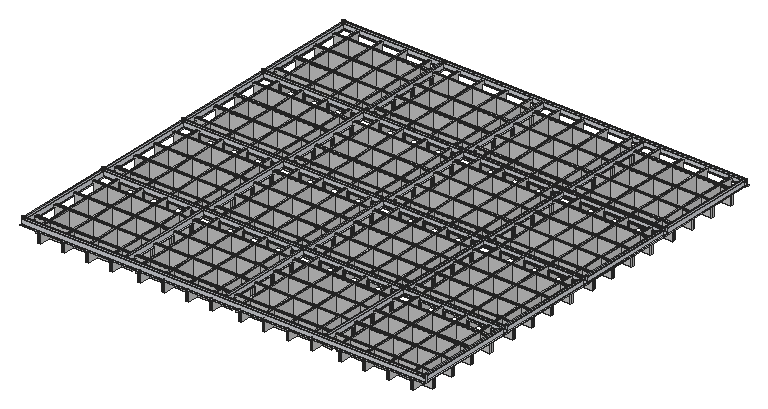
Revit family "GRD-WFL-001_RFA", category Modelos genéricos, Revit 2022 (continued)
Forms (in)
  Extrusion 261, solid, not visible
    sketch origin (0, 0, 0) x (1, 0, 0) y (0, 0, 1)
      loop
        line (0.96881, 0.64538) -> (0.96881, -2.35462) -> (3.48948, -2.35462) -> (3.48948, -0.60462) -> (4.19814, -0.60462) -> (4.19814, -2.35462) -> (9.23948, -2.35462) -> (9.23948, -0.60462) -> (9.94814, -0.60462) -> (9.94814, -2.35462) -> (14.98948, -2.35462) -> (14.98948, -0.60462) -> (15.69814, -0.60462) -> (15.69814, -2.35462) -> (20.73948, -2.35462) -> (20.73948, -0.60462) -> (21.44814, -0.60462) -> (21.44814, -2.35462) -> (23.96881, -2.35462) -> (23.96881, 0.64538) -> (24.28131, 0.64538) -> (24.28131, 1.14538) -> (0.65631, 1.14538) -> (0.65631, 0.64538) -> (0.96881, 0.64538)
    from -4.08152 to -3.60908
  Extrusion 262, solid, not visible
    sketch origin (0, 0, 0) x (1, 0, 0) y (0, 0, 1)
      loop
        line (0.96881, 0.64538) -> (0.96881, -2.35462) -> (3.48948, -2.35462) -> (3.48948, -0.60462) -> (4.19814, -0.60462) -> (4.19814, -2.35462) -> (9.23948, -2.35462) -> (9.23948, -0.60462) -> (9.94814, -0.60462) -> (9.94814, -2.35462) -> (14.98948, -2.35462) -> (14.98948, -0.60462) -> (15.69814, -0.60462) -> (15.69814, -2.35462) -> (20.73948, -2.35462) -> (20.73948, -0.60462) -> (21.44814, -0.60462) -> (21.44814, -2.35462) -> (23.96881, -2.35462) -> (23.96881, 0.64538) -> (24.28131, 0.64538) -> (24.28131, 1.14538) -> (0.65631, 1.14538) -> (0.65631, 0.64538) -> (0.96881, 0.64538)
    from -4.19963 to -4.08152
  Extrusion 263, solid
    sketch origin (-0.00149, 0.00149, -1.20924) x (0, 1, 0) y (0, 0, -1)
      loop
        line (0.96881, 1.14538) -> (0.96881, -1.85462) -> (0.65631, -1.85462) -> (0.65631, -2.35462) -> (0.96881, -2.35462) -> (3.48948, -2.35462) -> (3.48948, -0.60462) -> (4.19814, -0.60462) -> (4.19814, -2.35462) -> (9.23948, -2.35462) -> (9.23948, -0.60462) -> (9.94814, -0.60462) -> (9.94814, -2.35462) -> (14.98948, -2.35462) -> (14.98948, -0.60462) -> (15.69814, -0.60462) -> (15.69814, -2.35462) -> (20.73948, -2.35462) -> (20.73948, -0.60462) -> (21.44814, -0.60462) -> (21.44814, -2.35462) -> (24.28131, -2.35462) -> (24.28131, -1.85462) -> (23.96881, -1.85462) -> (23.96881, 1.14538) -> (0.96881, 1.14538)
    from -3.60908 to -3.49097
  Extrusion 264, solid
    sketch origin (0.11662, 0.00149, -1.20924) x (0, 1, 0) y (0, 0, -1)
      loop
        line (0.96881, 1.14538) -> (0.96881, -1.85462) -> (0.65631, -1.85462) -> (0.65631, -2.35462) -> (0.96881, -2.35462) -> (3.48948, -2.35462) -> (3.48948, -0.60462) -> (4.19814, -0.60462) -> (4.19814, -2.35462) -> (9.23948, -2.35462) -> (9.23948, -0.60462) -> (9.94814, -0.60462) -> (9.94814, -2.35462) -> (14.98948, -2.35462) -> (14.98948, -0.60462) -> (15.69814, -0.60462) -> (15.69814, -2.35462) -> (20.73948, -2.35462) -> (20.73948, -0.60462) -> (21.44814, -0.60462) -> (21.44814, -2.35462) -> (24.28131, -2.35462) -> (24.28131, -1.85462) -> (23.96881, -1.85462) -> (23.96881, 1.14538) -> (0.96881, 1.14538)
    from -3.96341 to -3.49097
  Extrusion 265, solid
    sketch origin (-0.00149, 0.00149, -1.20924) x (0, 1, 0) y (0, 0, -1)
      loop
        line (0.96881, 1.14538) -> (0.96881, -1.85462) -> (0.65631, -1.85462) -> (0.65631, -2.35462) -> (0.96881, -2.35462) -> (3.48948, -2.35462) -> (3.48948, -0.60462) -> (4.19814, -0.60462) -> (4.19814, -2.35462) -> (9.23948, -2.35462) -> (9.23948, -0.60462) -> (9.94814, -0.60462) -> (9.94814, -2.35462) -> (14.98948, -2.35462) -> (14.98948, -0.60462) -> (15.69814, -0.60462) -> (15.69814, -2.35462) -> (20.73948, -2.35462) -> (20.73948, -0.60462) -> (21.44814, -0.60462) -> (21.44814, -2.35462) -> (24.28131, -2.35462) -> (24.28131, -1.85462) -> (23.96881, -1.85462) -> (23.96881, 1.14538) -> (0.96881, 1.14538)
    from -4.19963 to -4.08152
  Extrusion 266, solid, not visible
    sketch origin (-0.00149, 0.00149, -1.20924) x (0, 1, 0) y (0, 0, -1)
      loop
        line (0.96881, 1.14538) -> (0.96881, -1.85462) -> (0.65631, -1.85462) -> (0.65631, -2.35462) -> (0.96881, -2.35462) -> (3.48948, -2.35462) -> (3.48948, -0.60462) -> (4.19814, -0.60462) -> (4.19814, -2.35462) -> (9.23948, -2.35462) -> (9.23948, -0.60462) -> (9.94814, -0.60462) -> (9.94814, -2.35462) -> (14.98948, -2.35462) -> (14.98948, -0.60462) -> (15.69814, -0.60462) -> (15.69814, -2.35462) -> (20.73948, -2.35462) -> (20.73948, -0.60462) -> (21.44814, -0.60462) -> (21.44814, -2.35462) -> (24.28131, -2.35462) -> (24.28131, -1.85462) -> (23.96881, -1.85462) -> (23.96881, 1.14538) -> (0.96881, 1.14538)
    from -3.60908 to -3.49097
  Extrusion 267, solid, not visible
    sketch origin (0.11662, 0.00149, -1.20924) x (0, 1, 0) y (0, 0, -1)
      loop
        line (0.96881, 1.14538) -> (0.96881, -1.85462) -> (0.65631, -1.85462) -> (0.65631, -2.35462) -> (0.96881, -2.35462) -> (3.48948, -2.35462) -> (3.48948, -0.60462) -> (4.19814, -0.60462) -> (4.19814, -2.35462) -> (9.23948, -2.35462) -> (9.23948, -0.60462) -> (9.94814, -0.60462) -> (9.94814, -2.35462) -> (14.98948, -2.35462) -> (14.98948, -0.60462) -> (15.69814, -0.60462) -> (15.69814, -2.35462) -> (20.73948, -2.35462) -> (20.73948, -0.60462) -> (21.44814, -0.60462) -> (21.44814, -2.35462) -> (24.28131, -2.35462) -> (24.28131, -1.85462) -> (23.96881, -1.85462) -> (23.96881, 1.14538) -> (0.96881, 1.14538)
    from -3.96341 to -3.49097
  Extrusion 268, solid, not visible
    sketch origin (-0.00149, 0.00149, -1.20924) x (0, 1, 0) y (0, 0, -1)
      loop
        line (0.96881, 1.14538) -> (0.96881, -1.85462) -> (0.65631, -1.85462) -> (0.65631, -2.35462) -> (0.96881, -2.35462) -> (3.48948, -2.35462) -> (3.48948, -0.60462) -> (4.19814, -0.60462) -> (4.19814, -2.35462) -> (9.23948, -2.35462) -> (9.23948, -0.60462) -> (9.94814, -0.60462) -> (9.94814, -2.35462) -> (14.98948, -2.35462) -> (14.98948, -0.60462) -> (15.69814, -0.60462) -> (15.69814, -2.35462) -> (20.73948, -2.35462) -> (20.73948, -0.60462) -> (21.44814, -0.60462) -> (21.44814, -2.35462) -> (24.28131, -2.35462) -> (24.28131, -1.85462) -> (23.96881, -1.85462) -> (23.96881, 1.14538) -> (0.96881, 1.14538)
    from -4.19963 to -4.08152
  Extrusion 269, solid
    sketch origin (0, 0, 0) x (1, 0, 0) y (0, 0, 1)
      loop
        line (0.96881, 0.64538) -> (0.96881, -2.35462) -> (3.48948, -2.35462) -> (3.48948, -0.60462) -> (4.19814, -0.60462) -> (4.19814, -2.35462) -> (9.23948, -2.35462) -> (9.23948, -0.60462) -> (9.94814, -0.60462) -> (9.94814, -2.35462) -> (14.98948, -2.35462) -> (14.98948, -0.60462) -> (15.69814, -0.60462) -> (15.69814, -2.35462) -> (20.73948, -2.35462) -> (20.73948, -0.60462) -> (21.44814, -0.60462) -> (21.44814, -2.35462) -> (23.96881, -2.35462) -> (23.96881, 0.64538) -> (24.28131, 0.64538) -> (24.28131, 1.14538) -> (0.65631, 1.14538) -> (0.65631, 0.64538) -> (0.96881, 0.64538)
    from -9.94963 to -9.83152
  Extrusion 270, solid
    sketch origin (0, 0, 0) x (1, 0, 0) y (0, 0, 1)
      loop
        line (0.96881, 0.64538) -> (0.96881, -2.35462) -> (3.48948, -2.35462) -> (3.48948, -0.60462) -> (4.19814, -0.60462) -> (4.19814, -2.35462) -> (9.23948, -2.35462) -> (9.23948, -0.60462) -> (9.94814, -0.60462) -> (9.94814, -2.35462) -> (14.98948, -2.35462) -> (14.98948, -0.60462) -> (15.69814, -0.60462) -> (15.69814, -2.35462) -> (20.73948, -2.35462) -> (20.73948, -0.60462) -> (21.44814, -0.60462) -> (21.44814, -2.35462) -> (23.96881, -2.35462) -> (23.96881, 0.64538) -> (24.28131, 0.64538) -> (24.28131, 1.14538) -> (0.65631, 1.14538) -> (0.65631, 0.64538) -> (0.96881, 0.64538)
    from -9.35908 to -9.24097
  Extrusion 271, solid
    sketch origin (0, 0, 0) x (1, 0, 0) y (0, 0, 1)
      loop
        line (0.96881, 0.64538) -> (0.96881, -2.35462) -> (3.48948, -2.35462) -> (3.48948, -0.60462) -> (4.19814, -0.60462) -> (4.19814, -2.35462) -> (9.23948, -2.35462) -> (9.23948, -0.60462) -> (9.94814, -0.60462) -> (9.94814, -2.35462) -> (14.98948, -2.35462) -> (14.98948, -0.60462) -> (15.69814, -0.60462) -> (15.69814, -2.35462) -> (20.73948, -2.35462) -> (20.73948, -0.60462) -> (21.44814, -0.60462) -> (21.44814, -2.35462) -> (23.96881, -2.35462) -> (23.96881, 0.64538) -> (24.28131, 0.64538) -> (24.28131, 1.14538) -> (0.65631, 1.14538) -> (0.65631, 0.64538) -> (0.96881, 0.64538)
    from -9.83152 to -9.35908
  Extrusion 272, solid
    sketch origin (0, 0, 0) x (1, 0, 0) y (0, 0, 1)
      loop
        line (0.96881, 0.64538) -> (0.96881, -2.35462) -> (3.48948, -2.35462) -> (3.48948, -0.60462) -> (4.19814, -0.60462) -> (4.19814, -2.35462) -> (9.23948, -2.35462) -> (9.23948, -0.60462) -> (9.94814, -0.60462) -> (9.94814, -2.35462) -> (14.98948, -2.35462) -> (14.98948, -0.60462) -> (15.69814, -0.60462) -> (15.69814, -2.35462) -> (20.73948, -2.35462) -> (20.73948, -0.60462) -> (21.44814, -0.60462) -> (21.44814, -2.35462) -> (23.96881, -2.35462) -> (23.96881, 0.64538) -> (24.28131, 0.64538) -> (24.28131, 1.14538) -> (0.65631, 1.14538) -> (0.65631, 0.64538) -> (0.96881, 0.64538)
    from -15.69963 to -15.58152
  Extrusion 273, solid
    sketch origin (0, 0, 0) x (1, 0, 0) y (0, 0, 1)
      loop
        line (0.96881, 0.64538) -> (0.96881, -2.35462) -> (3.48948, -2.35462) -> (3.48948, -0.60462) -> (4.19814, -0.60462) -> (4.19814, -2.35462) -> (9.23948, -2.35462) -> (9.23948, -0.60462) -> (9.94814, -0.60462) -> (9.94814, -2.35462) -> (14.98948, -2.35462) -> (14.98948, -0.60462) -> (15.69814, -0.60462) -> (15.69814, -2.35462) -> (20.73948, -2.35462) -> (20.73948, -0.60462) -> (21.44814, -0.60462) -> (21.44814, -2.35462) -> (23.96881, -2.35462) -> (23.96881, 0.64538) -> (24.28131, 0.64538) -> (24.28131, 1.14538) -> (0.65631, 1.14538) -> (0.65631, 0.64538) -> (0.96881, 0.64538)
    from -15.10908 to -14.99097
  Extrusion 274, solid
    sketch origin (0, 0, 0) x (1, 0, 0) y (0, 0, 1)
      loop
        line (0.96881, 0.64538) -> (0.96881, -2.35462) -> (3.48948, -2.35462) -> (3.48948, -0.60462) -> (4.19814, -0.60462) -> (4.19814, -2.35462) -> (9.23948, -2.35462) -> (9.23948, -0.60462) -> (9.94814, -0.60462) -> (9.94814, -2.35462) -> (14.98948, -2.35462) -> (14.98948, -0.60462) -> (15.69814, -0.60462) -> (15.69814, -2.35462) -> (20.73948, -2.35462) -> (20.73948, -0.60462) -> (21.44814, -0.60462) -> (21.44814, -2.35462) -> (23.96881, -2.35462) -> (23.96881, 0.64538) -> (24.28131, 0.64538) -> (24.28131, 1.14538) -> (0.65631, 1.14538) -> (0.65631, 0.64538) -> (0.96881, 0.64538)
    from -15.58152 to -15.10908
  Extrusion 275, solid
    sketch origin (0, 0, 0) x (1, 0, 0) y (0, 0, 1)
      loop
        line (0.96881, 0.64538) -> (0.96881, -2.35462) -> (3.48948, -2.35462) -> (3.48948, -0.60462) -> (4.19814, -0.60462) -> (4.19814, -2.35462) -> (9.23948, -2.35462) -> (9.23948, -0.60462) -> (9.94814, -0.60462) -> (9.94814, -2.35462) -> (14.98948, -2.35462) -> (14.98948, -0.60462) -> (15.69814, -0.60462) -> (15.69814, -2.35462) -> (20.73948, -2.35462) -> (20.73948, -0.60462) -> (21.44814, -0.60462) -> (21.44814, -2.35462) -> (23.96881, -2.35462) -> (23.96881, 0.64538) -> (24.28131, 0.64538) -> (24.28131, 1.14538) -> (0.65631, 1.14538) -> (0.65631, 0.64538) -> (0.96881, 0.64538)
    from -21.44963 to -21.33152
  Extrusion 276, solid
    sketch origin (0, 0, 0) x (1, 0, 0) y (0, 0, 1)
      loop
        line (0.96881, 0.64538) -> (0.96881, -2.35462) -> (3.48948, -2.35462) -> (3.48948, -0.60462) -> (4.19814, -0.60462) -> (4.19814, -2.35462) -> (9.23948, -2.35462) -> (9.23948, -0.60462) -> (9.94814, -0.60462) -> (9.94814, -2.35462) -> (14.98948, -2.35462) -> (14.98948, -0.60462) -> (15.69814, -0.60462) -> (15.69814, -2.35462) -> (20.73948, -2.35462) -> (20.73948, -0.60462) -> (21.44814, -0.60462) -> (21.44814, -2.35462) -> (23.96881, -2.35462) -> (23.96881, 0.64538) -> (24.28131, 0.64538) -> (24.28131, 1.14538) -> (0.65631, 1.14538) -> (0.65631, 0.64538) -> (0.96881, 0.64538)
    from -20.85908 to -20.74097
  Extrusion 277, solid
    sketch origin (0, 0, 0) x (1, 0, 0) y (0, 0, 1)
      loop
        line (0.96881, 0.64538) -> (0.96881, -2.35462) -> (3.48948, -2.35462) -> (3.48948, -0.60462) -> (4.19814, -0.60462) -> (4.19814, -2.35462) -> (9.23948, -2.35462) -> (9.23948, -0.60462) -> (9.94814, -0.60462) -> (9.94814, -2.35462) -> (14.98948, -2.35462) -> (14.98948, -0.60462) -> (15.69814, -0.60462) -> (15.69814, -2.35462) -> (20.73948, -2.35462) -> (20.73948, -0.60462) -> (21.44814, -0.60462) -> (21.44814, -2.35462) -> (23.96881, -2.35462) -> (23.96881, 0.64538) -> (24.28131, 0.64538) -> (24.28131, 1.14538) -> (0.65631, 1.14538) -> (0.65631, 0.64538) -> (0.96881, 0.64538)
    from -21.33152 to -20.85908
  Extrusion 278, solid
    sketch origin (5.74851, 0.00149, -1.20924) x (0, 1, 0) y (0, 0, -1)
      loop
        line (0.96881, 1.14538) -> (0.96881, -1.85462) -> (0.65631, -1.85462) -> (0.65631, -2.35462) -> (0.96881, -2.35462) -> (3.48948, -2.35462) -> (3.48948, -0.60462) -> (4.19814, -0.60462) -> (4.19814, -2.35462) -> (9.23948, -2.35462) -> (9.23948, -0.60462) -> (9.94814, -0.60462) -> (9.94814, -2.35462) -> (14.98948, -2.35462) -> (14.98948, -0.60462) -> (15.69814, -0.60462) -> (15.69814, -2.35462) -> (20.73948, -2.35462) -> (20.73948, -0.60462) -> (21.44814, -0.60462) -> (21.44814, -2.35462) -> (24.28131, -2.35462) -> (24.28131, -1.85462) -> (23.96881, -1.85462) -> (23.96881, 1.14538) -> (0.96881, 1.14538)
    from -4.19963 to -4.08152
  Extrusion 279, solid
    sketch origin (5.15796, 0.00149, -1.20924) x (0, 1, 0) y (0, 0, -1)
      loop
        line (0.96881, 1.14538) -> (0.96881, -1.85462) -> (0.65631, -1.85462) -> (0.65631, -2.35462) -> (0.96881, -2.35462) -> (3.48948, -2.35462) -> (3.48948, -0.60462) -> (4.19814, -0.60462) -> (4.19814, -2.35462) -> (9.23948, -2.35462) -> (9.23948, -0.60462) -> (9.94814, -0.60462) -> (9.94814, -2.35462) -> (14.98948, -2.35462) -> (14.98948, -0.60462) -> (15.69814, -0.60462) -> (15.69814, -2.35462) -> (20.73948, -2.35462) -> (20.73948, -0.60462) -> (21.44814, -0.60462) -> (21.44814, -2.35462) -> (24.28131, -2.35462) -> (24.28131, -1.85462) -> (23.96881, -1.85462) -> (23.96881, 1.14538) -> (0.96881, 1.14538)
    from -4.19963 to -4.08152
  Extrusion 280, solid
    sketch origin (11.49851, 0.00149, -1.20924) x (0, 1, 0) y (0, 0, -1)
      loop
        line (0.96881, 1.14538) -> (0.96881, -1.85462) -> (0.65631, -1.85462) -> (0.65631, -2.35462) -> (0.96881, -2.35462) -> (3.48948, -2.35462) -> (3.48948, -0.60462) -> (4.19814, -0.60462) -> (4.19814, -2.35462) -> (9.23948, -2.35462) -> (9.23948, -0.60462) -> (9.94814, -0.60462) -> (9.94814, -2.35462) -> (14.98948, -2.35462) -> (14.98948, -0.60462) -> (15.69814, -0.60462) -> (15.69814, -2.35462) -> (20.73948, -2.35462) -> (20.73948, -0.60462) -> (21.44814, -0.60462) -> (21.44814, -2.35462) -> (24.28131, -2.35462) -> (24.28131, -1.85462) -> (23.96881, -1.85462) -> (23.96881, 1.14538) -> (0.96881, 1.14538)
    from -4.19963 to -4.08152
  Extrusion 281, solid
    sketch origin (10.90796, 0.00149, -1.20924) x (0, 1, 0) y (0, 0, -1)
      loop
        line (0.96881, 1.14538) -> (0.96881, -1.85462) -> (0.65631, -1.85462) -> (0.65631, -2.35462) -> (0.96881, -2.35462) -> (3.48948, -2.35462) -> (3.48948, -0.60462) -> (4.19814, -0.60462) -> (4.19814, -2.35462) -> (9.23948, -2.35462) -> (9.23948, -0.60462) -> (9.94814, -0.60462) -> (9.94814, -2.35462) -> (14.98948, -2.35462) -> (14.98948, -0.60462) -> (15.69814, -0.60462) -> (15.69814, -2.35462) -> (20.73948, -2.35462) -> (20.73948, -0.60462) -> (21.44814, -0.60462) -> (21.44814, -2.35462) -> (24.28131, -2.35462) -> (24.28131, -1.85462) -> (23.96881, -1.85462) -> (23.96881, 1.14538) -> (0.96881, 1.14538)
    from -4.19963 to -4.08152
  Extrusion 282, solid
    sketch origin (16.65796, 0.00149, -1.20924) x (0, 1, 0) y (0, 0, -1)
      loop
        line (0.96881, 1.14538) -> (0.96881, -1.85462) -> (0.65631, -1.85462) -> (0.65631, -2.35462) -> (0.96881, -2.35462) -> (3.48948, -2.35462) -> (3.48948, -0.60462) -> (4.19814, -0.60462) -> (4.19814, -2.35462) -> (9.23948, -2.35462) -> (9.23948, -0.60462) -> (9.94814, -0.60462) -> (9.94814, -2.35462) -> (14.98948, -2.35462) -> (14.98948, -0.60462) -> (15.69814, -0.60462) -> (15.69814, -2.35462) -> (20.73948, -2.35462) -> (20.73948, -0.60462) -> (21.44814, -0.60462) -> (21.44814, -2.35462) -> (24.28131, -2.35462) -> (24.28131, -1.85462) -> (23.96881, -1.85462) -> (23.96881, 1.14538) -> (0.96881, 1.14538)
    from -4.19963 to -4.08152
  Extrusion 283, solid
    sketch origin (17.24851, 0.00149, -1.20924) x (0, 1, 0) y (0, 0, -1)
      loop
        line (0.96881, 1.14538) -> (0.96881, -1.85462) -> (0.65631, -1.85462) -> (0.65631, -2.35462) -> (0.96881, -2.35462) -> (3.48948, -2.35462) -> (3.48948, -0.60462) -> (4.19814, -0.60462) -> (4.19814, -2.35462) -> (9.23948, -2.35462) -> (9.23948, -0.60462) -> (9.94814, -0.60462) -> (9.94814, -2.35462) -> (14.98948, -2.35462) -> (14.98948, -0.60462) -> (15.69814, -0.60462) -> (15.69814, -2.35462) -> (20.73948, -2.35462) -> (20.73948, -0.60462) -> (21.44814, -0.60462) -> (21.44814, -2.35462) -> (24.28131, -2.35462) -> (24.28131, -1.85462) -> (23.96881, -1.85462) -> (23.96881, 1.14538) -> (0.96881, 1.14538)
    from -4.19963 to -4.08152
  Extrusion 284, solid
    sketch origin (5.86662, 0.00149, -1.20924) x (0, 1, 0) y (0, 0, -1)
      loop
        line (0.96881, 1.14538) -> (0.96881, -1.85462) -> (0.65631, -1.85462) -> (0.65631, -2.35462) -> (0.96881, -2.35462) -> (3.48948, -2.35462) -> (3.48948, -0.60462) -> (4.19814, -0.60462) -> (4.19814, -2.35462) -> (9.23948, -2.35462) -> (9.23948, -0.60462) -> (9.94814, -0.60462) -> (9.94814, -2.35462) -> (14.98948, -2.35462) -> (14.98948, -0.60462) -> (15.69814, -0.60462) -> (15.69814, -2.35462) -> (20.73948, -2.35462) -> (20.73948, -0.60462) -> (21.44814, -0.60462) -> (21.44814, -2.35462) -> (24.28131, -2.35462) -> (24.28131, -1.85462) -> (23.96881, -1.85462) -> (23.96881, 1.14538) -> (0.96881, 1.14538)
    from -3.96341 to -3.49097
  Extrusion 285, solid
    sketch origin (11.61662, 0.00149, -1.20924) x (0, 1, 0) y (0, 0, -1)
      loop
        line (0.96881, 1.14538) -> (0.96881, -1.85462) -> (0.65631, -1.85462) -> (0.65631, -2.35462) -> (0.96881, -2.35462) -> (3.48948, -2.35462) -> (3.48948, -0.60462) -> (4.19814, -0.60462) -> (4.19814, -2.35462) -> (9.23948, -2.35462) -> (9.23948, -0.60462) -> (9.94814, -0.60462) -> (9.94814, -2.35462) -> (14.98948, -2.35462) -> (14.98948, -0.60462) -> (15.69814, -0.60462) -> (15.69814, -2.35462) -> (20.73948, -2.35462) -> (20.73948, -0.60462) -> (21.44814, -0.60462) -> (21.44814, -2.35462) -> (24.28131, -2.35462) -> (24.28131, -1.85462) -> (23.96881, -1.85462) -> (23.96881, 1.14538) -> (0.96881, 1.14538)
    from -3.96341 to -3.49097
  Extrusion 286, solid
    sketch origin (17.36662, 0.00149, -1.20924) x (0, 1, 0) y (0, 0, -1)
      loop
        line (0.96881, 1.14538) -> (0.96881, -1.85462) -> (0.65631, -1.85462) -> (0.65631, -2.35462) -> (0.96881, -2.35462) -> (3.48948, -2.35462) -> (3.48948, -0.60462) -> (4.19814, -0.60462) -> (4.19814, -2.35462) -> (9.23948, -2.35462) -> (9.23948, -0.60462) -> (9.94814, -0.60462) -> (9.94814, -2.35462) -> (14.98948, -2.35462) -> (14.98948, -0.60462) -> (15.69814, -0.60462) -> (15.69814, -2.35462) -> (20.73948, -2.35462) -> (20.73948, -0.60462) -> (21.44814, -0.60462) -> (21.44814, -2.35462) -> (24.28131, -2.35462) -> (24.28131, -1.85462) -> (23.96881, -1.85462) -> (23.96881, 1.14538) -> (0.96881, 1.14538)
    from -3.96341 to -3.49097
  Extrusion 287, solid, not visible
    sketch origin (0, 0, 0) x (1, 0, 0) y (0, 0, 1)
      loop
        line (0.96881, 0.64538) -> (0.96881, -2.35462) -> (3.48948, -2.35462) -> (3.48948, -0.60462) -> (4.19814, -0.60462) -> (4.19814, -2.35462) -> (9.23948, -2.35462) -> (9.23948, -0.60462) -> (9.94814, -0.60462) -> (9.94814, -2.35462) -> (14.98948, -2.35462) -> (14.98948, -0.60462) -> (15.69814, -0.60462) -> (15.69814, -2.35462) -> (20.73948, -2.35462) -> (20.73948, -0.60462) -> (21.44814, -0.60462) -> (21.44814, -2.35462) -> (23.96881, -2.35462) -> (23.96881, 0.64538) -> (24.28131, 0.64538) -> (24.28131, 1.14538) -> (0.65631, 1.14538) -> (0.65631, 0.64538) -> (0.96881, 0.64538)
    from -3.60908 to -3.49097
  Extrusion 288, solid, not visible
    sketch origin (0, 0, 0) x (1, 0, 0) y (0, 0, 1)
      loop
        line (0.96881, 0.64538) -> (0.96881, -2.35462) -> (3.48948, -2.35462) -> (3.48948, -0.60462) -> (4.19814, -0.60462) -> (4.19814, -2.35462) -> (9.23948, -2.35462) -> (9.23948, -0.60462) -> (9.94814, -0.60462) -> (9.94814, -2.35462) -> (14.98948, -2.35462) -> (14.98948, -0.60462) -> (15.69814, -0.60462) -> (15.69814, -2.35462) -> (20.73948, -2.35462) -> (20.73948, -0.60462) -> (21.44814, -0.60462) -> (21.44814, -2.35462) -> (23.96881, -2.35462) -> (23.96881, 0.64538) -> (24.28131, 0.64538) -> (24.28131, 1.14538) -> (0.65631, 1.14538) -> (0.65631, 0.64538) -> (0.96881, 0.64538)
    from -4.08152 to -3.60908
  Extrusion 289, solid, not visible
    sketch origin (0, 0, 0) x (1, 0, 0) y (0, 0, 1)
      loop
        line (0.96881, 0.64538) -> (0.96881, -2.35462) -> (3.48948, -2.35462) -> (3.48948, -0.60462) -> (4.19814, -0.60462) -> (4.19814, -2.35462) -> (9.23948, -2.35462) -> (9.23948, -0.60462) -> (9.94814, -0.60462) -> (9.94814, -2.35462) -> (14.98948, -2.35462) -> (14.98948, -0.60462) -> (15.69814, -0.60462) -> (15.69814, -2.35462) -> (20.73948, -2.35462) -> (20.73948, -0.60462) -> (21.44814, -0.60462) -> (21.44814, -2.35462) -> (23.96881, -2.35462) -> (23.96881, 0.64538) -> (24.28131, 0.64538) -> (24.28131, 1.14538) -> (0.65631, 1.14538) -> (0.65631, 0.64538) -> (0.96881, 0.64538)
    from -4.19963 to -4.08152
  Extrusion 290, solid, not visible
    sketch origin (0, 0, 0) x (1, 0, 0) y (0, 0, 1)
      loop
        line (0.96881, 0.64538) -> (0.96881, -2.35462) -> (3.48948, -2.35462) -> (3.48948, -0.60462) -> (4.19814, -0.60462) -> (4.19814, -2.35462) -> (9.23948, -2.35462) -> (9.23948, -0.60462) -> (9.94814, -0.60462) -> (9.94814, -2.35462) -> (14.98948, -2.35462) -> (14.98948, -0.60462) -> (15.69814, -0.60462) -> (15.69814, -2.35462) -> (20.73948, -2.35462) -> (20.73948, -0.60462) -> (21.44814, -0.60462) -> (21.44814, -2.35462) -> (23.96881, -2.35462) -> (23.96881, 0.64538) -> (24.28131, 0.64538) -> (24.28131, 1.14538) -> (0.65631, 1.14538) -> (0.65631, 0.64538) -> (0.96881, 0.64538)
    from -9.94963 to -9.83152
  Extrusion 291, solid, not visible
    sketch origin (0, 0, 0) x (1, 0, 0) y (0, 0, 1)
      loop
        line (0.96881, 0.64538) -> (0.96881, -2.35462) -> (3.48948, -2.35462) -> (3.48948, -0.60462) -> (4.19814, -0.60462) -> (4.19814, -2.35462) -> (9.23948, -2.35462) -> (9.23948, -0.60462) -> (9.94814, -0.60462) -> (9.94814, -2.35462) -> (14.98948, -2.35462) -> (14.98948, -0.60462) -> (15.69814, -0.60462) -> (15.69814, -2.35462) -> (20.73948, -2.35462) -> (20.73948, -0.60462) -> (21.44814, -0.60462) -> (21.44814, -2.35462) -> (23.96881, -2.35462) -> (23.96881, 0.64538) -> (24.28131, 0.64538) -> (24.28131, 1.14538) -> (0.65631, 1.14538) -> (0.65631, 0.64538) -> (0.96881, 0.64538)
    from -9.35908 to -9.24097
  Extrusion 292, solid, not visible
    sketch origin (0, 0, 0) x (1, 0, 0) y (0, 0, 1)
      loop
        line (0.96881, 0.64538) -> (0.96881, -2.35462) -> (3.48948, -2.35462) -> (3.48948, -0.60462) -> (4.19814, -0.60462) -> (4.19814, -2.35462) -> (9.23948, -2.35462) -> (9.23948, -0.60462) -> (9.94814, -0.60462) -> (9.94814, -2.35462) -> (14.98948, -2.35462) -> (14.98948, -0.60462) -> (15.69814, -0.60462) -> (15.69814, -2.35462) -> (20.73948, -2.35462) -> (20.73948, -0.60462) -> (21.44814, -0.60462) -> (21.44814, -2.35462) -> (23.96881, -2.35462) -> (23.96881, 0.64538) -> (24.28131, 0.64538) -> (24.28131, 1.14538) -> (0.65631, 1.14538) -> (0.65631, 0.64538) -> (0.96881, 0.64538)
    from -9.83152 to -9.35908
  Extrusion 293, solid, not visible
    sketch origin (0, 0, 0) x (1, 0, 0) y (0, 0, 1)
      loop
        line (0.96881, 0.64538) -> (0.96881, -2.35462) -> (3.48948, -2.35462) -> (3.48948, -0.60462) -> (4.19814, -0.60462) -> (4.19814, -2.35462) -> (9.23948, -2.35462) -> (9.23948, -0.60462) -> (9.94814, -0.60462) -> (9.94814, -2.35462) -> (14.98948, -2.35462) -> (14.98948, -0.60462) -> (15.69814, -0.60462) -> (15.69814, -2.35462) -> (20.73948, -2.35462) -> (20.73948, -0.60462) -> (21.44814, -0.60462) -> (21.44814, -2.35462) -> (23.96881, -2.35462) -> (23.96881, 0.64538) -> (24.28131, 0.64538) -> (24.28131, 1.14538) -> (0.65631, 1.14538) -> (0.65631, 0.64538) -> (0.96881, 0.64538)
    from -15.69963 to -15.58152
  Extrusion 294, solid, not visible
    sketch origin (0, 0, 0) x (1, 0, 0) y (0, 0, 1)
      loop
        line (0.96881, 0.64538) -> (0.96881, -2.35462) -> (3.48948, -2.35462) -> (3.48948, -0.60462) -> (4.19814, -0.60462) -> (4.19814, -2.35462) -> (9.23948, -2.35462) -> (9.23948, -0.60462) -> (9.94814, -0.60462) -> (9.94814, -2.35462) -> (14.98948, -2.35462) -> (14.98948, -0.60462) -> (15.69814, -0.60462) -> (15.69814, -2.35462) -> (20.73948, -2.35462) -> (20.73948, -0.60462) -> (21.44814, -0.60462) -> (21.44814, -2.35462) -> (23.96881, -2.35462) -> (23.96881, 0.64538) -> (24.28131, 0.64538) -> (24.28131, 1.14538) -> (0.65631, 1.14538) -> (0.65631, 0.64538) -> (0.96881, 0.64538)
    from -15.10908 to -14.99097
  Extrusion 295, solid, not visible
    sketch origin (0, 0, 0) x (1, 0, 0) y (0, 0, 1)
      loop
        line (0.96881, 0.64538) -> (0.96881, -2.35462) -> (3.48948, -2.35462) -> (3.48948, -0.60462) -> (4.19814, -0.60462) -> (4.19814, -2.35462) -> (9.23948, -2.35462) -> (9.23948, -0.60462) -> (9.94814, -0.60462) -> (9.94814, -2.35462) -> (14.98948, -2.35462) -> (14.98948, -0.60462) -> (15.69814, -0.60462) -> (15.69814, -2.35462) -> (20.73948, -2.35462) -> (20.73948, -0.60462) -> (21.44814, -0.60462) -> (21.44814, -2.35462) -> (23.96881, -2.35462) -> (23.96881, 0.64538) -> (24.28131, 0.64538) -> (24.28131, 1.14538) -> (0.65631, 1.14538) -> (0.65631, 0.64538) -> (0.96881, 0.64538)
    from -15.58152 to -15.10908
  Extrusion 296, solid, not visible
    sketch origin (0, 0, 0) x (1, 0, 0) y (0, 0, 1)
      loop
        line (0.96881, 0.64538) -> (0.96881, -2.35462) -> (3.48948, -2.35462) -> (3.48948, -0.60462) -> (4.19814, -0.60462) -> (4.19814, -2.35462) -> (9.23948, -2.35462) -> (9.23948, -0.60462) -> (9.94814, -0.60462) -> (9.94814, -2.35462) -> (14.98948, -2.35462) -> (14.98948, -0.60462) -> (15.69814, -0.60462) -> (15.69814, -2.35462) -> (20.73948, -2.35462) -> (20.73948, -0.60462) -> (21.44814, -0.60462) -> (21.44814, -2.35462) -> (23.96881, -2.35462) -> (23.96881, 0.64538) -> (24.28131, 0.64538) -> (24.28131, 1.14538) -> (0.65631, 1.14538) -> (0.65631, 0.64538) -> (0.96881, 0.64538)
    from -21.44963 to -21.33152
  Extrusion 297, solid, not visible
    sketch origin (0, 0, 0) x (1, 0, 0) y (0, 0, 1)
      loop
        line (0.96881, 0.64538) -> (0.96881, -2.35462) -> (3.48948, -2.35462) -> (3.48948, -0.60462) -> (4.19814, -0.60462) -> (4.19814, -2.35462) -> (9.23948, -2.35462) -> (9.23948, -0.60462) -> (9.94814, -0.60462) -> (9.94814, -2.35462) -> (14.98948, -2.35462) -> (14.98948, -0.60462) -> (15.69814, -0.60462) -> (15.69814, -2.35462) -> (20.73948, -2.35462) -> (20.73948, -0.60462) -> (21.44814, -0.60462) -> (21.44814, -2.35462) -> (23.96881, -2.35462) -> (23.96881, 0.64538) -> (24.28131, 0.64538) -> (24.28131, 1.14538) -> (0.65631, 1.14538) -> (0.65631, 0.64538) -> (0.96881, 0.64538)
    from -20.85908 to -20.74097
  Extrusion 298, solid, not visible
    sketch origin (0, 0, 0) x (1, 0, 0) y (0, 0, 1)
      loop
        line (0.96881, 0.64538) -> (0.96881, -2.35462) -> (3.48948, -2.35462) -> (3.48948, -0.60462) -> (4.19814, -0.60462) -> (4.19814, -2.35462) -> (9.23948, -2.35462) -> (9.23948, -0.60462) -> (9.94814, -0.60462) -> (9.94814, -2.35462) -> (14.98948, -2.35462) -> (14.98948, -0.60462) -> (15.69814, -0.60462) -> (15.69814, -2.35462) -> (20.73948, -2.35462) -> (20.73948, -0.60462) -> (21.44814, -0.60462) -> (21.44814, -2.35462) -> (23.96881, -2.35462) -> (23.96881, 0.64538) -> (24.28131, 0.64538) -> (24.28131, 1.14538) -> (0.65631, 1.14538) -> (0.65631, 0.64538) -> (0.96881, 0.64538)
    from -21.33152 to -20.85908
  Extrusion 299, solid, not visible
    sketch origin (-0.00149, 0.00149, -1.20924) x (0, 1, 0) y (0, 0, -1)
      loop
        line (0.96881, 1.14538) -> (0.96881, -1.85462) -> (0.65631, -1.85462) -> (0.65631, -2.35462) -> (0.96881, -2.35462) -> (3.48948, -2.35462) -> (3.48948, -0.60462) -> (4.19814, -0.60462) -> (4.19814, -2.35462) -> (9.23948, -2.35462) -> (9.23948, -0.60462) -> (9.94814, -0.60462) -> (9.94814, -2.35462) -> (14.98948, -2.35462) -> (14.98948, -0.60462) -> (15.69814, -0.60462) -> (15.69814, -2.35462) -> (20.73948, -2.35462) -> (20.73948, -0.60462) -> (21.44814, -0.60462) -> (21.44814, -2.35462) -> (24.28131, -2.35462) -> (24.28131, -1.85462) -> (23.96881, -1.85462) -> (23.96881, 1.14538) -> (0.96881, 1.14538)
    from -3.60908 to -3.49097
  Extrusion 300, solid, not visible
    sketch origin (0.11662, 0.00149, -1.20924) x (0, 1, 0) y (0, 0, -1)
      loop
        line (0.96881, 1.14538) -> (0.96881, -1.85462) -> (0.65631, -1.85462) -> (0.65631, -2.35462) -> (0.96881, -2.35462) -> (3.48948, -2.35462) -> (3.48948, -0.60462) -> (4.19814, -0.60462) -> (4.19814, -2.35462) -> (9.23948, -2.35462) -> (9.23948, -0.60462) -> (9.94814, -0.60462) -> (9.94814, -2.35462) -> (14.98948, -2.35462) -> (14.98948, -0.60462) -> (15.69814, -0.60462) -> (15.69814, -2.35462) -> (20.73948, -2.35462) -> (20.73948, -0.60462) -> (21.44814, -0.60462) -> (21.44814, -2.35462) -> (24.28131, -2.35462) -> (24.28131, -1.85462) -> (23.96881, -1.85462) -> (23.96881, 1.14538) -> (0.96881, 1.14538)
    from -3.96341 to -3.49097
  Extrusion 301, solid, not visible
    sketch origin (-0.00149, 0.00149, -1.20924) x (0, 1, 0) y (0, 0, -1)
      loop
        line (0.96881, 1.14538) -> (0.96881, -1.85462) -> (0.65631, -1.85462) -> (0.65631, -2.35462) -> (0.96881, -2.35462) -> (3.48948, -2.35462) -> (3.48948, -0.60462) -> (4.19814, -0.60462) -> (4.19814, -2.35462) -> (9.23948, -2.35462) -> (9.23948, -0.60462) -> (9.94814, -0.60462) -> (9.94814, -2.35462) -> (14.98948, -2.35462) -> (14.98948, -0.60462) -> (15.69814, -0.60462) -> (15.69814, -2.35462) -> (20.73948, -2.35462) -> (20.73948, -0.60462) -> (21.44814, -0.60462) -> (21.44814, -2.35462) -> (24.28131, -2.35462) -> (24.28131, -1.85462) -> (23.96881, -1.85462) -> (23.96881, 1.14538) -> (0.96881, 1.14538)
    from -4.19963 to -4.08152
  Extrusion 302, solid, not visible
    sketch origin (5.74851, 0.00149, -1.20924) x (0, 1, 0) y (0, 0, -1)
      loop
        line (0.96881, 1.14538) -> (0.96881, -1.85462) -> (0.65631, -1.85462) -> (0.65631, -2.35462) -> (0.96881, -2.35462) -> (3.48948, -2.35462) -> (3.48948, -0.60462) -> (4.19814, -0.60462) -> (4.19814, -2.35462) -> (9.23948, -2.35462) -> (9.23948, -0.60462) -> (9.94814, -0.60462) -> (9.94814, -2.35462) -> (14.98948, -2.35462) -> (14.98948, -0.60462) -> (15.69814, -0.60462) -> (15.69814, -2.35462) -> (20.73948, -2.35462) -> (20.73948, -0.60462) -> (21.44814, -0.60462) -> (21.44814, -2.35462) -> (24.28131, -2.35462) -> (24.28131, -1.85462) -> (23.96881, -1.85462) -> (23.96881, 1.14538) -> (0.96881, 1.14538)
    from -4.19963 to -4.08152
  Extrusion 303, solid, not visible
    sketch origin (5.15796, 0.00149, -1.20924) x (0, 1, 0) y (0, 0, -1)
      loop
        line (0.96881, 1.14538) -> (0.96881, -1.85462) -> (0.65631, -1.85462) -> (0.65631, -2.35462) -> (0.96881, -2.35462) -> (3.48948, -2.35462) -> (3.48948, -0.60462) -> (4.19814, -0.60462) -> (4.19814, -2.35462) -> (9.23948, -2.35462) -> (9.23948, -0.60462) -> (9.94814, -0.60462) -> (9.94814, -2.35462) -> (14.98948, -2.35462) -> (14.98948, -0.60462) -> (15.69814, -0.60462) -> (15.69814, -2.35462) -> (20.73948, -2.35462) -> (20.73948, -0.60462) -> (21.44814, -0.60462) -> (21.44814, -2.35462) -> (24.28131, -2.35462) -> (24.28131, -1.85462) -> (23.96881, -1.85462) -> (23.96881, 1.14538) -> (0.96881, 1.14538)
    from -4.19963 to -4.08152
  Extrusion 304, solid, not visible
    sketch origin (11.49851, 0.00149, -1.20924) x (0, 1, 0) y (0, 0, -1)
      loop
        line (0.96881, 1.14538) -> (0.96881, -1.85462) -> (0.65631, -1.85462) -> (0.65631, -2.35462) -> (0.96881, -2.35462) -> (3.48948, -2.35462) -> (3.48948, -0.60462) -> (4.19814, -0.60462) -> (4.19814, -2.35462) -> (9.23948, -2.35462) -> (9.23948, -0.60462) -> (9.94814, -0.60462) -> (9.94814, -2.35462) -> (14.98948, -2.35462) -> (14.98948, -0.60462) -> (15.69814, -0.60462) -> (15.69814, -2.35462) -> (20.73948, -2.35462) -> (20.73948, -0.60462) -> (21.44814, -0.60462) -> (21.44814, -2.35462) -> (24.28131, -2.35462) -> (24.28131, -1.85462) -> (23.96881, -1.85462) -> (23.96881, 1.14538) -> (0.96881, 1.14538)
    from -4.19963 to -4.08152
  Extrusion 305, solid, not visible
    sketch origin (10.90796, 0.00149, -1.20924) x (0, 1, 0) y (0, 0, -1)
      loop
        line (0.96881, 1.14538) -> (0.96881, -1.85462) -> (0.65631, -1.85462) -> (0.65631, -2.35462) -> (0.96881, -2.35462) -> (3.48948, -2.35462) -> (3.48948, -0.60462) -> (4.19814, -0.60462) -> (4.19814, -2.35462) -> (9.23948, -2.35462) -> (9.23948, -0.60462) -> (9.94814, -0.60462) -> (9.94814, -2.35462) -> (14.98948, -2.35462) -> (14.98948, -0.60462) -> (15.69814, -0.60462) -> (15.69814, -2.35462) -> (20.73948, -2.35462) -> (20.73948, -0.60462) -> (21.44814, -0.60462) -> (21.44814, -2.35462) -> (24.28131, -2.35462) -> (24.28131, -1.85462) -> (23.96881, -1.85462) -> (23.96881, 1.14538) -> (0.96881, 1.14538)
    from -4.19963 to -4.08152
  Extrusion 306, solid, not visible
    sketch origin (16.65796, 0.00149, -1.20924) x (0, 1, 0) y (0, 0, -1)
      loop
        line (0.96881, 1.14538) -> (0.96881, -1.85462) -> (0.65631, -1.85462) -> (0.65631, -2.35462) -> (0.96881, -2.35462) -> (3.48948, -2.35462) -> (3.48948, -0.60462) -> (4.19814, -0.60462) -> (4.19814, -2.35462) -> (9.23948, -2.35462) -> (9.23948, -0.60462) -> (9.94814, -0.60462) -> (9.94814, -2.35462) -> (14.98948, -2.35462) -> (14.98948, -0.60462) -> (15.69814, -0.60462) -> (15.69814, -2.35462) -> (20.73948, -2.35462) -> (20.73948, -0.60462) -> (21.44814, -0.60462) -> (21.44814, -2.35462) -> (24.28131, -2.35462) -> (24.28131, -1.85462) -> (23.96881, -1.85462) -> (23.96881, 1.14538) -> (0.96881, 1.14538)
    from -4.19963 to -4.08152
  Extrusion 307, solid, not visible
    sketch origin (17.24851, 0.00149, -1.20924) x (0, 1, 0) y (0, 0, -1)
      loop
        line (0.96881, 1.14538) -> (0.96881, -1.85462) -> (0.65631, -1.85462) -> (0.65631, -2.35462) -> (0.96881, -2.35462) -> (3.48948, -2.35462) -> (3.48948, -0.60462) -> (4.19814, -0.60462) -> (4.19814, -2.35462) -> (9.23948, -2.35462) -> (9.23948, -0.60462) -> (9.94814, -0.60462) -> (9.94814, -2.35462) -> (14.98948, -2.35462) -> (14.98948, -0.60462) -> (15.69814, -0.60462) -> (15.69814, -2.35462) -> (20.73948, -2.35462) -> (20.73948, -0.60462) -> (21.44814, -0.60462) -> (21.44814, -2.35462) -> (24.28131, -2.35462) -> (24.28131, -1.85462) -> (23.96881, -1.85462) -> (23.96881, 1.14538) -> (0.96881, 1.14538)
    from -4.19963 to -4.08152
  Extrusion 308, solid, not visible
    sketch origin (5.86662, 0.00149, -1.20924) x (0, 1, 0) y (0, 0, -1)
      loop
        line (0.96881, 1.14538) -> (0.96881, -1.85462) -> (0.65631, -1.85462) -> (0.65631, -2.35462) -> (0.96881, -2.35462) -> (3.48948, -2.35462) -> (3.48948, -0.60462) -> (4.19814, -0.60462) -> (4.19814, -2.35462) -> (9.23948, -2.35462) -> (9.23948, -0.60462) -> (9.94814, -0.60462) -> (9.94814, -2.35462) -> (14.98948, -2.35462) -> (14.98948, -0.60462) -> (15.69814, -0.60462) -> (15.69814, -2.35462) -> (20.73948, -2.35462) -> (20.73948, -0.60462) -> (21.44814, -0.60462) -> (21.44814, -2.35462) -> (24.28131, -2.35462) -> (24.28131, -1.85462) -> (23.96881, -1.85462) -> (23.96881, 1.14538) -> (0.96881, 1.14538)
    from -3.96341 to -3.49097
  Extrusion 309, solid, not visible
    sketch origin (11.61662, 0.00149, -1.20924) x (0, 1, 0) y (0, 0, -1)
      loop
        line (0.96881, 1.14538) -> (0.96881, -1.85462) -> (0.65631, -1.85462) -> (0.65631, -2.35462) -> (0.96881, -2.35462) -> (3.48948, -2.35462) -> (3.48948, -0.60462) -> (4.19814, -0.60462) -> (4.19814, -2.35462) -> (9.23948, -2.35462) -> (9.23948, -0.60462) -> (9.94814, -0.60462) -> (9.94814, -2.35462) -> (14.98948, -2.35462) -> (14.98948, -0.60462) -> (15.69814, -0.60462) -> (15.69814, -2.35462) -> (20.73948, -2.35462) -> (20.73948, -0.60462) -> (21.44814, -0.60462) -> (21.44814, -2.35462) -> (24.28131, -2.35462) -> (24.28131, -1.85462) -> (23.96881, -1.85462) -> (23.96881, 1.14538) -> (0.96881, 1.14538)
    from -3.96341 to -3.49097
  Extrusion 310, solid, not visible
    sketch origin (17.36662, 0.00149, -1.20924) x (0, 1, 0) y (0, 0, -1)
      loop
        line (0.96881, 1.14538) -> (0.96881, -1.85462) -> (0.65631, -1.85462) -> (0.65631, -2.35462) -> (0.96881, -2.35462) -> (3.48948, -2.35462) -> (3.48948, -0.60462) -> (4.19814, -0.60462) -> (4.19814, -2.35462) -> (9.23948, -2.35462) -> (9.23948, -0.60462) -> (9.94814, -0.60462) -> (9.94814, -2.35462) -> (14.98948, -2.35462) -> (14.98948, -0.60462) -> (15.69814, -0.60462) -> (15.69814, -2.35462) -> (20.73948, -2.35462) -> (20.73948, -0.60462) -> (21.44814, -0.60462) -> (21.44814, -2.35462) -> (24.28131, -2.35462) -> (24.28131, -1.85462) -> (23.96881, -1.85462) -> (23.96881, 1.14538) -> (0.96881, 1.14538)
    from -3.96341 to -3.49097
  Extrusion 311, solid, not visible
    sketch origin (0, 0, 0) x (1, 0, 0) y (0, 0, 1)
      loop
        line (0.96881, 0.64538) -> (0.96881, -2.35462) -> (3.48948, -2.35462) -> (3.48948, -0.60462) -> (4.19814, -0.60462) -> (4.19814, -2.35462) -> (9.23948, -2.35462) -> (9.23948, -0.60462) -> (9.94814, -0.60462) -> (9.94814, -2.35462) -> (14.98948, -2.35462) -> (14.98948, -0.60462) -> (15.69814, -0.60462) -> (15.69814, -2.35462) -> (20.73948, -2.35462) -> (20.73948, -0.60462) -> (21.44814, -0.60462) -> (21.44814, -2.35462) -> (23.96881, -2.35462) -> (23.96881, 0.64538) -> (24.28131, 0.64538) -> (24.28131, 1.14538) -> (0.65631, 1.14538) -> (0.65631, 0.64538) -> (0.96881, 0.64538)
    from -3.60908 to -3.49097
  Extrusion 312, solid, not visible
    sketch origin (0, 0, 0) x (1, 0, 0) y (0, 0, 1)
      loop
        line (0.96881, 0.64538) -> (0.96881, -2.35462) -> (3.48948, -2.35462) -> (3.48948, -0.60462) -> (4.19814, -0.60462) -> (4.19814, -2.35462) -> (9.23948, -2.35462) -> (9.23948, -0.60462) -> (9.94814, -0.60462) -> (9.94814, -2.35462) -> (14.98948, -2.35462) -> (14.98948, -0.60462) -> (15.69814, -0.60462) -> (15.69814, -2.35462) -> (20.73948, -2.35462) -> (20.73948, -0.60462) -> (21.44814, -0.60462) -> (21.44814, -2.35462) -> (23.96881, -2.35462) -> (23.96881, 0.64538) -> (24.28131, 0.64538) -> (24.28131, 1.14538) -> (0.65631, 1.14538) -> (0.65631, 0.64538) -> (0.96881, 0.64538)
    from -4.08152 to -3.60908
  Extrusion 313, solid, not visible
    sketch origin (0, 0, 0) x (1, 0, 0) y (0, 0, 1)
      loop
        line (0.96881, 0.64538) -> (0.96881, -2.35462) -> (3.48948, -2.35462) -> (3.48948, -0.60462) -> (4.19814, -0.60462) -> (4.19814, -2.35462) -> (9.23948, -2.35462) -> (9.23948, -0.60462) -> (9.94814, -0.60462) -> (9.94814, -2.35462) -> (14.98948, -2.35462) -> (14.98948, -0.60462) -> (15.69814, -0.60462) -> (15.69814, -2.35462) -> (20.73948, -2.35462) -> (20.73948, -0.60462) -> (21.44814, -0.60462) -> (21.44814, -2.35462) -> (23.96881, -2.35462) -> (23.96881, 0.64538) -> (24.28131, 0.64538) -> (24.28131, 1.14538) -> (0.65631, 1.14538) -> (0.65631, 0.64538) -> (0.96881, 0.64538)
    from -4.19963 to -4.08152
  Extrusion 314, solid, not visible
    sketch origin (-0.00149, 0.00149, -1.20924) x (0, 1, 0) y (0, 0, -1)
      loop
        line (0.96881, 1.14538) -> (0.96881, -1.85462) -> (0.65631, -1.85462) -> (0.65631, -2.35462) -> (0.96881, -2.35462) -> (3.48948, -2.35462) -> (3.48948, -0.60462) -> (4.19814, -0.60462) -> (4.19814, -2.35462) -> (9.23948, -2.35462) -> (9.23948, -0.60462) -> (9.94814, -0.60462) -> (9.94814, -2.35462) -> (14.98948, -2.35462) -> (14.98948, -0.60462) -> (15.69814, -0.60462) -> (15.69814, -2.35462) -> (20.73948, -2.35462) -> (20.73948, -0.60462) -> (21.44814, -0.60462) -> (21.44814, -2.35462) -> (24.28131, -2.35462) -> (24.28131, -1.85462) -> (23.96881, -1.85462) -> (23.96881, 1.14538) -> (0.96881, 1.14538)
    from -3.60908 to -3.49097
  Extrusion 315, solid, not visible
    sketch origin (0.11662, 0.00149, -1.20924) x (0, 1, 0) y (0, 0, -1)
      loop
        line (0.96881, 1.14538) -> (0.96881, -1.85462) -> (0.65631, -1.85462) -> (0.65631, -2.35462) -> (0.96881, -2.35462) -> (3.48948, -2.35462) -> (3.48948, -0.60462) -> (4.19814, -0.60462) -> (4.19814, -2.35462) -> (9.23948, -2.35462) -> (9.23948, -0.60462) -> (9.94814, -0.60462) -> (9.94814, -2.35462) -> (14.98948, -2.35462) -> (14.98948, -0.60462) -> (15.69814, -0.60462) -> (15.69814, -2.35462) -> (20.73948, -2.35462) -> (20.73948, -0.60462) -> (21.44814, -0.60462) -> (21.44814, -2.35462) -> (24.28131, -2.35462) -> (24.28131, -1.85462) -> (23.96881, -1.85462) -> (23.96881, 1.14538) -> (0.96881, 1.14538)
    from -3.96341 to -3.49097
  Extrusion 316, solid, not visible
    sketch origin (-0.00149, 0.00149, -1.20924) x (0, 1, 0) y (0, 0, -1)
      loop
        line (0.96881, 1.14538) -> (0.96881, -1.85462) -> (0.65631, -1.85462) -> (0.65631, -2.35462) -> (0.96881, -2.35462) -> (3.48948, -2.35462) -> (3.48948, -0.60462) -> (4.19814, -0.60462) -> (4.19814, -2.35462) -> (9.23948, -2.35462) -> (9.23948, -0.60462) -> (9.94814, -0.60462) -> (9.94814, -2.35462) -> (14.98948, -2.35462) -> (14.98948, -0.60462) -> (15.69814, -0.60462) -> (15.69814, -2.35462) -> (20.73948, -2.35462) -> (20.73948, -0.60462) -> (21.44814, -0.60462) -> (21.44814, -2.35462) -> (24.28131, -2.35462) -> (24.28131, -1.85462) -> (23.96881, -1.85462) -> (23.96881, 1.14538) -> (0.96881, 1.14538)
    from -4.19963 to -4.08152
  Extrusion 317, solid, not visible
    sketch origin (0, 0, 0) x (1, 0, 0) y (0, 0, 1)
      loop
        line (0.96881, 0.64538) -> (0.96881, -2.35462) -> (3.48948, -2.35462) -> (3.48948, -0.60462) -> (4.19814, -0.60462) -> (4.19814, -2.35462) -> (9.23948, -2.35462) -> (9.23948, -0.60462) -> (9.94814, -0.60462) -> (9.94814, -2.35462) -> (14.98948, -2.35462) -> (14.98948, -0.60462) -> (15.69814, -0.60462) -> (15.69814, -2.35462) -> (20.73948, -2.35462) -> (20.73948, -0.60462) -> (21.44814, -0.60462) -> (21.44814, -2.35462) -> (23.96881, -2.35462) -> (23.96881, 0.64538) -> (24.28131, 0.64538) -> (24.28131, 1.14538) -> (0.65631, 1.14538) -> (0.65631, 0.64538) -> (0.96881, 0.64538)
    from -9.94963 to -9.83152
  Extrusion 318, solid, not visible
    sketch origin (0, 0, 0) x (1, 0, 0) y (0, 0, 1)
      loop
        line (0.96881, 0.64538) -> (0.96881, -2.35462) -> (3.48948, -2.35462) -> (3.48948, -0.60462) -> (4.19814, -0.60462) -> (4.19814, -2.35462) -> (9.23948, -2.35462) -> (9.23948, -0.60462) -> (9.94814, -0.60462) -> (9.94814, -2.35462) -> (14.98948, -2.35462) -> (14.98948, -0.60462) -> (15.69814, -0.60462) -> (15.69814, -2.35462) -> (20.73948, -2.35462) -> (20.73948, -0.60462) -> (21.44814, -0.60462) -> (21.44814, -2.35462) -> (23.96881, -2.35462) -> (23.96881, 0.64538) -> (24.28131, 0.64538) -> (24.28131, 1.14538) -> (0.65631, 1.14538) -> (0.65631, 0.64538) -> (0.96881, 0.64538)
    from -9.35908 to -9.24097
  Extrusion 319, solid, not visible
    sketch origin (0, 0, 0) x (1, 0, 0) y (0, 0, 1)
      loop
        line (0.96881, 0.64538) -> (0.96881, -2.35462) -> (3.48948, -2.35462) -> (3.48948, -0.60462) -> (4.19814, -0.60462) -> (4.19814, -2.35462) -> (9.23948, -2.35462) -> (9.23948, -0.60462) -> (9.94814, -0.60462) -> (9.94814, -2.35462) -> (14.98948, -2.35462) -> (14.98948, -0.60462) -> (15.69814, -0.60462) -> (15.69814, -2.35462) -> (20.73948, -2.35462) -> (20.73948, -0.60462) -> (21.44814, -0.60462) -> (21.44814, -2.35462) -> (23.96881, -2.35462) -> (23.96881, 0.64538) -> (24.28131, 0.64538) -> (24.28131, 1.14538) -> (0.65631, 1.14538) -> (0.65631, 0.64538) -> (0.96881, 0.64538)
    from -9.83152 to -9.35908
  Extrusion 320, solid, not visible
    sketch origin (0, 0, 0) x (1, 0, 0) y (0, 0, 1)
      loop
        line (0.96881, 0.64538) -> (0.96881, -2.35462) -> (3.48948, -2.35462) -> (3.48948, -0.60462) -> (4.19814, -0.60462) -> (4.19814, -2.35462) -> (9.23948, -2.35462) -> (9.23948, -0.60462) -> (9.94814, -0.60462) -> (9.94814, -2.35462) -> (14.98948, -2.35462) -> (14.98948, -0.60462) -> (15.69814, -0.60462) -> (15.69814, -2.35462) -> (20.73948, -2.35462) -> (20.73948, -0.60462) -> (21.44814, -0.60462) -> (21.44814, -2.35462) -> (23.96881, -2.35462) -> (23.96881, 0.64538) -> (24.28131, 0.64538) -> (24.28131, 1.14538) -> (0.65631, 1.14538) -> (0.65631, 0.64538) -> (0.96881, 0.64538)
    from -15.69963 to -15.58152
  Extrusion 321, solid, not visible
    sketch origin (0, 0, 0) x (1, 0, 0) y (0, 0, 1)
      loop
        line (0.96881, 0.64538) -> (0.96881, -2.35462) -> (3.48948, -2.35462) -> (3.48948, -0.60462) -> (4.19814, -0.60462) -> (4.19814, -2.35462) -> (9.23948, -2.35462) -> (9.23948, -0.60462) -> (9.94814, -0.60462) -> (9.94814, -2.35462) -> (14.98948, -2.35462) -> (14.98948, -0.60462) -> (15.69814, -0.60462) -> (15.69814, -2.35462) -> (20.73948, -2.35462) -> (20.73948, -0.60462) -> (21.44814, -0.60462) -> (21.44814, -2.35462) -> (23.96881, -2.35462) -> (23.96881, 0.64538) -> (24.28131, 0.64538) -> (24.28131, 1.14538) -> (0.65631, 1.14538) -> (0.65631, 0.64538) -> (0.96881, 0.64538)
    from -15.10908 to -14.99097
  Extrusion 322, solid, not visible
    sketch origin (0, 0, 0) x (1, 0, 0) y (0, 0, 1)
      loop
        line (0.96881, 0.64538) -> (0.96881, -2.35462) -> (3.48948, -2.35462) -> (3.48948, -0.60462) -> (4.19814, -0.60462) -> (4.19814, -2.35462) -> (9.23948, -2.35462) -> (9.23948, -0.60462) -> (9.94814, -0.60462) -> (9.94814, -2.35462) -> (14.98948, -2.35462) -> (14.98948, -0.60462) -> (15.69814, -0.60462) -> (15.69814, -2.35462) -> (20.73948, -2.35462) -> (20.73948, -0.60462) -> (21.44814, -0.60462) -> (21.44814, -2.35462) -> (23.96881, -2.35462) -> (23.96881, 0.64538) -> (24.28131, 0.64538) -> (24.28131, 1.14538) -> (0.65631, 1.14538) -> (0.65631, 0.64538) -> (0.96881, 0.64538)
    from -15.58152 to -15.10908
  Extrusion 323, solid, not visible
    sketch origin (0, 0, 0) x (1, 0, 0) y (0, 0, 1)
      loop
        line (0.96881, 0.64538) -> (0.96881, -2.35462) -> (3.48948, -2.35462) -> (3.48948, -0.60462) -> (4.19814, -0.60462) -> (4.19814, -2.35462) -> (9.23948, -2.35462) -> (9.23948, -0.60462) -> (9.94814, -0.60462) -> (9.94814, -2.35462) -> (14.98948, -2.35462) -> (14.98948, -0.60462) -> (15.69814, -0.60462) -> (15.69814, -2.35462) -> (20.73948, -2.35462) -> (20.73948, -0.60462) -> (21.44814, -0.60462) -> (21.44814, -2.35462) -> (23.96881, -2.35462) -> (23.96881, 0.64538) -> (24.28131, 0.64538) -> (24.28131, 1.14538) -> (0.65631, 1.14538) -> (0.65631, 0.64538) -> (0.96881, 0.64538)
    from -21.44963 to -21.33152
  Extrusion 324, solid, not visible
    sketch origin (0, 0, 0) x (1, 0, 0) y (0, 0, 1)
      loop
        line (0.96881, 0.64538) -> (0.96881, -2.35462) -> (3.48948, -2.35462) -> (3.48948, -0.60462) -> (4.19814, -0.60462) -> (4.19814, -2.35462) -> (9.23948, -2.35462) -> (9.23948, -0.60462) -> (9.94814, -0.60462) -> (9.94814, -2.35462) -> (14.98948, -2.35462) -> (14.98948, -0.60462) -> (15.69814, -0.60462) -> (15.69814, -2.35462) -> (20.73948, -2.35462) -> (20.73948, -0.60462) -> (21.44814, -0.60462) -> (21.44814, -2.35462) -> (23.96881, -2.35462) -> (23.96881, 0.64538) -> (24.28131, 0.64538) -> (24.28131, 1.14538) -> (0.65631, 1.14538) -> (0.65631, 0.64538) -> (0.96881, 0.64538)
    from -20.85908 to -20.74097
  Extrusion 325, solid, not visible
    sketch origin (0, 0, 0) x (1, 0, 0) y (0, 0, 1)
      loop
        line (0.96881, 0.64538) -> (0.96881, -2.35462) -> (3.48948, -2.35462) -> (3.48948, -0.60462) -> (4.19814, -0.60462) -> (4.19814, -2.35462) -> (9.23948, -2.35462) -> (9.23948, -0.60462) -> (9.94814, -0.60462) -> (9.94814, -2.35462) -> (14.98948, -2.35462) -> (14.98948, -0.60462) -> (15.69814, -0.60462) -> (15.69814, -2.35462) -> (20.73948, -2.35462) -> (20.73948, -0.60462) -> (21.44814, -0.60462) -> (21.44814, -2.35462) -> (23.96881, -2.35462) -> (23.96881, 0.64538) -> (24.28131, 0.64538) -> (24.28131, 1.14538) -> (0.65631, 1.14538) -> (0.65631, 0.64538) -> (0.96881, 0.64538)
    from -21.33152 to -20.85908
  Extrusion 326, solid, not visible
    sketch origin (5.74851, 0.00149, -1.20924) x (0, 1, 0) y (0, 0, -1)
      loop
        line (0.96881, 1.14538) -> (0.96881, -1.85462) -> (0.65631, -1.85462) -> (0.65631, -2.35462) -> (0.96881, -2.35462) -> (3.48948, -2.35462) -> (3.48948, -0.60462) -> (4.19814, -0.60462) -> (4.19814, -2.35462) -> (9.23948, -2.35462) -> (9.23948, -0.60462) -> (9.94814, -0.60462) -> (9.94814, -2.35462) -> (14.98948, -2.35462) -> (14.98948, -0.60462) -> (15.69814, -0.60462) -> (15.69814, -2.35462) -> (20.73948, -2.35462) -> (20.73948, -0.60462) -> (21.44814, -0.60462) -> (21.44814, -2.35462) -> (24.28131, -2.35462) -> (24.28131, -1.85462) -> (23.96881, -1.85462) -> (23.96881, 1.14538) -> (0.96881, 1.14538)
    from -4.19963 to -4.08152
  Extrusion 327, solid, not visible
    sketch origin (5.15796, 0.00149, -1.20924) x (0, 1, 0) y (0, 0, -1)
      loop
        line (0.96881, 1.14538) -> (0.96881, -1.85462) -> (0.65631, -1.85462) -> (0.65631, -2.35462) -> (0.96881, -2.35462) -> (3.48948, -2.35462) -> (3.48948, -0.60462) -> (4.19814, -0.60462) -> (4.19814, -2.35462) -> (9.23948, -2.35462) -> (9.23948, -0.60462) -> (9.94814, -0.60462) -> (9.94814, -2.35462) -> (14.98948, -2.35462) -> (14.98948, -0.60462) -> (15.69814, -0.60462) -> (15.69814, -2.35462) -> (20.73948, -2.35462) -> (20.73948, -0.60462) -> (21.44814, -0.60462) -> (21.44814, -2.35462) -> (24.28131, -2.35462) -> (24.28131, -1.85462) -> (23.96881, -1.85462) -> (23.96881, 1.14538) -> (0.96881, 1.14538)
    from -4.19963 to -4.08152
  Extrusion 328, solid, not visible
    sketch origin (11.49851, 0.00149, -1.20924) x (0, 1, 0) y (0, 0, -1)
      loop
        line (0.96881, 1.14538) -> (0.96881, -1.85462) -> (0.65631, -1.85462) -> (0.65631, -2.35462) -> (0.96881, -2.35462) -> (3.48948, -2.35462) -> (3.48948, -0.60462) -> (4.19814, -0.60462) -> (4.19814, -2.35462) -> (9.23948, -2.35462) -> (9.23948, -0.60462) -> (9.94814, -0.60462) -> (9.94814, -2.35462) -> (14.98948, -2.35462) -> (14.98948, -0.60462) -> (15.69814, -0.60462) -> (15.69814, -2.35462) -> (20.73948, -2.35462) -> (20.73948, -0.60462) -> (21.44814, -0.60462) -> (21.44814, -2.35462) -> (24.28131, -2.35462) -> (24.28131, -1.85462) -> (23.96881, -1.85462) -> (23.96881, 1.14538) -> (0.96881, 1.14538)
    from -4.19963 to -4.08152
  Extrusion 329, solid, not visible
    sketch origin (10.90796, 0.00149, -1.20924) x (0, 1, 0) y (0, 0, -1)
      loop
        line (0.96881, 1.14538) -> (0.96881, -1.85462) -> (0.65631, -1.85462) -> (0.65631, -2.35462) -> (0.96881, -2.35462) -> (3.48948, -2.35462) -> (3.48948, -0.60462) -> (4.19814, -0.60462) -> (4.19814, -2.35462) -> (9.23948, -2.35462) -> (9.23948, -0.60462) -> (9.94814, -0.60462) -> (9.94814, -2.35462) -> (14.98948, -2.35462) -> (14.98948, -0.60462) -> (15.69814, -0.60462) -> (15.69814, -2.35462) -> (20.73948, -2.35462) -> (20.73948, -0.60462) -> (21.44814, -0.60462) -> (21.44814, -2.35462) -> (24.28131, -2.35462) -> (24.28131, -1.85462) -> (23.96881, -1.85462) -> (23.96881, 1.14538) -> (0.96881, 1.14538)
    from -4.19963 to -4.08152
  Extrusion 330, solid, not visible
    sketch origin (16.65796, 0.00149, -1.20924) x (0, 1, 0) y (0, 0, -1)
      loop
        line (0.96881, 1.14538) -> (0.96881, -1.85462) -> (0.65631, -1.85462) -> (0.65631, -2.35462) -> (0.96881, -2.35462) -> (3.48948, -2.35462) -> (3.48948, -0.60462) -> (4.19814, -0.60462) -> (4.19814, -2.35462) -> (9.23948, -2.35462) -> (9.23948, -0.60462) -> (9.94814, -0.60462) -> (9.94814, -2.35462) -> (14.98948, -2.35462) -> (14.98948, -0.60462) -> (15.69814, -0.60462) -> (15.69814, -2.35462) -> (20.73948, -2.35462) -> (20.73948, -0.60462) -> (21.44814, -0.60462) -> (21.44814, -2.35462) -> (24.28131, -2.35462) -> (24.28131, -1.85462) -> (23.96881, -1.85462) -> (23.96881, 1.14538) -> (0.96881, 1.14538)
    from -4.19963 to -4.08152
  Extrusion 331, solid, not visible
    sketch origin (17.24851, 0.00149, -1.20924) x (0, 1, 0) y (0, 0, -1)
      loop
        line (0.96881, 1.14538) -> (0.96881, -1.85462) -> (0.65631, -1.85462) -> (0.65631, -2.35462) -> (0.96881, -2.35462) -> (3.48948, -2.35462) -> (3.48948, -0.60462) -> (4.19814, -0.60462) -> (4.19814, -2.35462) -> (9.23948, -2.35462) -> (9.23948, -0.60462) -> (9.94814, -0.60462) -> (9.94814, -2.35462) -> (14.98948, -2.35462) -> (14.98948, -0.60462) -> (15.69814, -0.60462) -> (15.69814, -2.35462) -> (20.73948, -2.35462) -> (20.73948, -0.60462) -> (21.44814, -0.60462) -> (21.44814, -2.35462) -> (24.28131, -2.35462) -> (24.28131, -1.85462) -> (23.96881, -1.85462) -> (23.96881, 1.14538) -> (0.96881, 1.14538)
    from -4.19963 to -4.08152
  Extrusion 332, solid, not visible
    sketch origin (5.86662, 0.00149, -1.20924) x (0, 1, 0) y (0, 0, -1)
      loop
        line (0.96881, 1.14538) -> (0.96881, -1.85462) -> (0.65631, -1.85462) -> (0.65631, -2.35462) -> (0.96881, -2.35462) -> (3.48948, -2.35462) -> (3.48948, -0.60462) -> (4.19814, -0.60462) -> (4.19814, -2.35462) -> (9.23948, -2.35462) -> (9.23948, -0.60462) -> (9.94814, -0.60462) -> (9.94814, -2.35462) -> (14.98948, -2.35462) -> (14.98948, -0.60462) -> (15.69814, -0.60462) -> (15.69814, -2.35462) -> (20.73948, -2.35462) -> (20.73948, -0.60462) -> (21.44814, -0.60462) -> (21.44814, -2.35462) -> (24.28131, -2.35462) -> (24.28131, -1.85462) -> (23.96881, -1.85462) -> (23.96881, 1.14538) -> (0.96881, 1.14538)
    from -3.96341 to -3.49097
